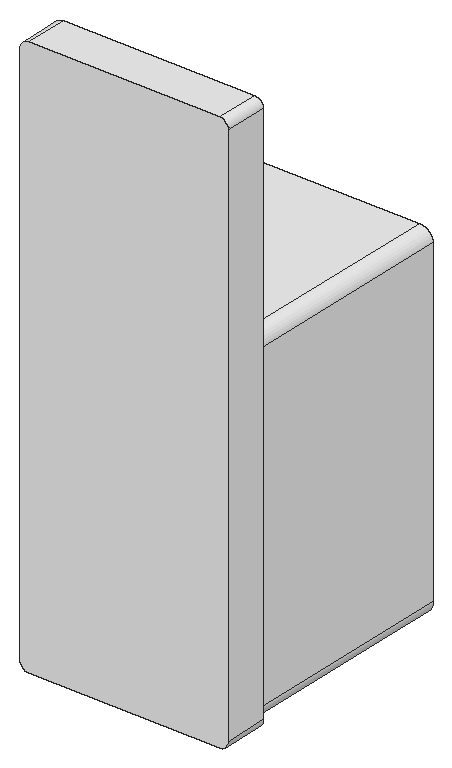
Revit family "rba-bim-rba1643-100 and rba-bim-rba1643-300", category Plumbing Fixtures, Revit 2018
Family settings
  Round Connector Dimension = Use Diameter
  Part Type = Normal
  Work Plane-Based = No
  Always vertical = No
  Cut with Voids When Loaded = No
  Shared = Yes
  Room Calculation Point = No
Parameters (values of type "RBA1643-100")
  Watermarked By = "www.rba.com.au"
  Waste Connection = yes
  Vent Connection = yes
  URL = ""
  Phone Number = "1300 788 778"
  Modified Issue = "20220525.01"
  Model = "RBA1643-100"
  Materials and Finishes = Chrome Plated Brass
  Manufacturer Model = ""
  Manufacturer = "RBA Group"  # constant formula
  Logo White = no
  Logo Black = yes
  HW Connection = yes
  Description = "äska Robe Hook"
  Copyright by = "RBA Group"  # constant formula
  CW Connection = yes
Types (2, lengths in mm): name | Modified Issue | Model | Materials and Finishes | Logo White | Logo Black
  RBA1643-300 | "20220518.01" | "RBA1643-300" | Heavy Duty Brass in a Matte Black Finish | yes | no
  RBA1643-100 | "20220525.01" | "RBA1643-100" | Chrome Plated Brass | no | yes
Reference planes
  plane 1 "Center (Front/Back)": y = 0
  plane 2: z = 0
  plane 3 "Center (Left/Right)": x = 0
  plane 4: z = 40.5
  plane 5: z = 0.5
  plane 6: z = 5.5
  plane 7: z = 8.8
  plane 8: x = 11.5
  plane 9: x = -11.5
  plane 10: y = -18.85
  plane 11: y = -6.15
Forms (mm)
  Extrusion 1, solid, material "Chrome Plated Brass" <- "Materials and Finishes"
    sketch origin (0, -30, 0) x (1, 0, 0) y (0, 0, -1)
      loop
        arc (11, -65) -> (11.707, -64.707) -> (12, -64) r 1
        line (12, -64) -> (12, -1)
        arc (12, -1) -> (11.707, -0.293) -> (11, 0) r 1
        line (11, 0) -> (-11, 0)
        arc (-11, 0) -> (-11.707, -0.293) -> (-12, -1) r 1
        line (-12, -1) -> (-12, -64)
        arc (-12, -64) -> (-11.707, -64.707) -> (-11, -65) r 1
        line (-11, -65) -> (11, -65)
    from 0 to 5
  Extrusion 2, solid, material "Chrome Plated Brass" <- "Materials and Finishes"
    sketch origin (0, -30, 0) x (1, 0, 0) y (0, 0, -1)
      loop
        arc (-11.5, -39) -> (-11.061, -40.061) -> (-10, -40.5) r 1.5
        line (-10, -40.5) -> (10, -40.5)
        arc (10, -40.5) -> (11.061, -40.061) -> (11.5, -39) r 1.5
        line (11.5, -39) -> (11.5, -2)
        arc (11.5, -2) -> (11.061, -0.939) -> (10, -0.5) r 1.5
        line (10, -0.5) -> (-10, -0.5)
        arc (-10, -0.5) -> (-11.061, -0.939) -> (-11.5, -2) r 1.5
        line (-11.5, -2) -> (-11.5, -39)
      loop
        arc (-8.8, -2.5) -> (-9.295, -2.705) -> (-9.5, -3.2) r 0.7
        line (-9.5, -3.2) -> (-9.5, -37.8)
        arc (-9.5, -37.8) -> (-9.295, -38.295) -> (-8.8, -38.5) r 0.7
        line (-8.8, -38.5) -> (8.8, -38.5)
        arc (8.8, -38.5) -> (9.295, -38.295) -> (9.5, -37.8) r 0.7
        line (9.5, -37.8) -> (9.5, -3.2)
        arc (9.5, -3.2) -> (9.295, -2.705) -> (8.8, -2.5) r 0.7
        line (8.8, -2.5) -> (-8.8, -2.5)
    from 5 to 30
Dimensions and locks
  aligned and locked: plane 2 to level
Automatic sketch dimensions
  Extrusion 1 sketch curve to level = 0 mm
  plane 9 to Extrusion 1 sketch curve = 0.5 mm
  Extrusion 1 sketch curve to plane 9 = 0.5 mm  (x2)
  Extrusion 1 sketch curve to plane 8 = 0.5 mm  (x2)
  Extrusion 1 sketch curve to plane 5 = 0.5 mm
  Extrusion 1 sketch curve to plane 4 = 23.5 mm
  plane 9 to Extrusion 2 sketch curve = 0 mm
  Extrusion 2 sketch curve to plane 5 = 0 mm
  Extrusion 2 sketch curve to plane 4 = 0 mm
  Extrusion 2 sketch curve to plane 8 = 0 mm
  Extrusion 2 sketch curve to plane 9 = 1.5 mm
  Extrusion 2 sketch curve to Extrusion 2 sketch curve = 1.5 mm
  Extrusion 2 sketch curve to Extrusion 2 sketch curve = 0.5 mm  (x3)
  Extrusion 2 sketch curve to Extrusion 2 sketch curve = 0.7 mm  (x3)
  Extrusion 2 sketch curve to plane 8 = 2.7 mm  (x2)
  Extrusion 2 sketch curve to Extrusion 2 sketch curve = 0 mm
  Extrusion 2 sketch curve to Extrusion 2 sketch curve = 1.2 mm  (x2)
